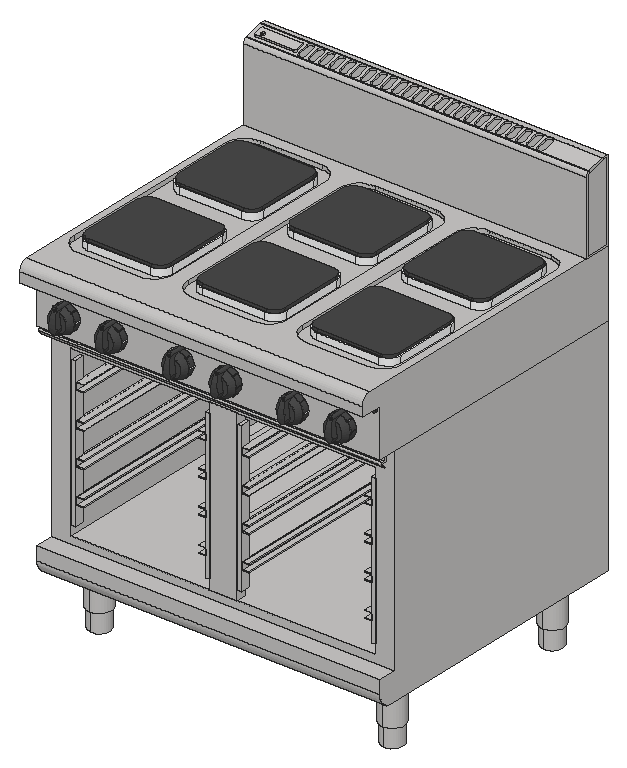
Revit family "QF_Moffat_RN8600SE-CB_Electric_Cooktops_Sealed_Hobs_cat", category Specialty Equipment, Revit 2019 (continued)
Definition of nested family "High and Low Option"
  Lines and regions (mm)
    symbolic lines, visible <- "High Back", not visible
      curve 195: spline (729.472, -25.991, 0) -> (729.813, -23.491, 0) -> (730.812, -21.162, 0) -> (732.401, -19.161, 0) -> (734.472, -17.626, 0) -> (736.884, -16.661, 0) -> (739.472, -16.332, 0) -> (742.06, -16.661, 0) -> (744.472, -17.626, 0) -> (746.543, -19.161, 0) -> (748.132, -21.162, 0) -> (749.131, -23.491, 0) -> (749.472, -25.991, 0)
      curve 196: line (749.472, -25.991, 0) -> (749.472, -50.251, 0)
      curve 197: spline (749.472, -50.251, 0) -> (749.131, -52.751, 0) -> (748.132, -55.081, 0) -> (746.543, -57.081, 0) -> (744.472, -58.616, 0) -> (742.06, -59.581, 0) -> (739.472, -59.91, 0) -> (736.884, -59.581, 0) -> (734.472, -58.616, 0) -> (732.401, -57.081, 0) -> (730.812, -55.081, 0) -> (729.813, -52.751, 0) -> (729.472, -50.251, 0)
      curve 198: line (756.752, -50.251, 0) -> (756.752, -25.991, 0)
      curve 199: spline (756.752, -25.991, 0) -> (757.093, -23.491, 0) -> (758.092, -21.162, 0) -> (759.681, -19.161, 0) -> (761.752, -17.626, 0) -> (764.164, -16.661, 0) -> (766.752, -16.332, 0) -> (769.341, -16.661, 0) -> (771.752, -17.626, 0) -> (773.823, -19.161, 0) -> (775.413, -21.162, 0) -> (776.412, -23.491, 0) -> (776.752, -25.991, 0)
      curve 200: line (776.752, -25.991, 0) -> (776.752, -50.251, 0)
      curve 201: spline (776.752, -50.251, 0) -> (776.412, -52.751, 0) -> (775.413, -55.081, 0) -> (773.823, -57.081, 0) -> (771.752, -58.616, 0) -> (769.341, -59.581, 0) -> (766.752, -59.91, 0) -> (764.164, -59.581, 0) -> (761.752, -58.616, 0) -> (759.681, -57.081, 0) -> (758.092, -55.081, 0) -> (757.093, -52.751, 0) -> (756.752, -50.251, 0)
  Dimensions and locks
    equal spacing: plane 3 "LEFT", plane 7 "Center Y", plane 4 "RIGHT"
    "Length": plane 3 "LEFT" to plane 4 "RIGHT"
    equal spacing: plane 5 "FRONT", plane 8 "Center X", plane 1 "BACK"
    "Depth": plane 5 "FRONT" to plane 1 "BACK"
    "Height": plane 6 "TOP" to level
    plane 4 "RIGHT" to plane 3 "LEFT" = 900 mm
    plane 1 "BACK" to plane 5 "FRONT" = 805 mm
    plane 9 to plane 10 = 769 mm
    plane 12 to plane 2 = 675 mm
    plane 6 "TOP" to level = 970 mm
    plane 13 to level = 1130 mm
    aligned and locked: level to plane 2
  Automatic sketch dimensions
    Extrusion 2 sketch curve to Extrusion 2 sketch curve = 11.8 mm
    Extrusion 2 sketch curve to Extrusion 2 sketch curve = 2.248 mm
    Extrusion 2 sketch curve to Extrusion 2 sketch curve = 63.6 mm
    Extrusion 2 sketch curve to Extrusion 2 sketch curve = 3.2 mm  (x5)
    plane 1 "BACK" to curve 1 = 71.587 mm
    curve 1 to plane 6 "TOP" = 46.75 mm
    curve 1 to curve 1 = 23 mm
    Extrusion 5 sketch curve to Extrusion 5 sketch curve = 10 mm  (x24)
    Extrusion 5 sketch curve to Extrusion 5 sketch curve = 7.28 mm  (x23)
    Extrusion 5 sketch curve to Extrusion 5 sketch curve = 11.379 mm  (x2)
    Extrusion 5 sketch curve to Extrusion 5 sketch curve = 0 mm  (x33)
    Extrusion 5 sketch curve to Extrusion 5 sketch curve = 25.116 mm  (x13)
    Extrusion 5 sketch curve to Extrusion 5 sketch curve = 47.732 mm
    Extrusion 2 sketch curve to Extrusion 2 sketch curve = 187.855 mm
    Extrusion 5 sketch curve to Extrusion 5 sketch curve = 129.307 mm
    Extrusion 5 sketch curve to Extrusion 5 sketch curve = 123.248 mm
    Extrusion 7 sketch curve to Extrusion 7 sketch curve = 11.8 mm
    Extrusion 7 sketch curve to Extrusion 7 sketch curve = 2.248 mm
    Extrusion 7 sketch curve to Extrusion 7 sketch curve = 63.6 mm
    Extrusion 7 sketch curve to Extrusion 7 sketch curve = 3.2 mm  (x5)
    Extrusion 10 sketch curve to Extrusion 10 sketch curve = 10 mm  (x24)
    Extrusion 10 sketch curve to Extrusion 10 sketch curve = 7.28 mm  (x23)
    Extrusion 10 sketch curve to Extrusion 10 sketch curve = 11.379 mm  (x2)
    Extrusion 10 sketch curve to Extrusion 10 sketch curve = 0 mm  (x33)
    Extrusion 10 sketch curve to Extrusion 10 sketch curve = 25.116 mm  (x13)
    Extrusion 10 sketch curve to Extrusion 10 sketch curve = 47.732 mm
    Extrusion 7 sketch curve to Extrusion 7 sketch curve = 187.855 mm
    Extrusion 10 sketch curve to Extrusion 10 sketch curve = 129.307 mm
    Extrusion 10 sketch curve to Extrusion 10 sketch curve = 123.248 mm
    curve 3 to curve 6 = 129.307 mm
    curve 6 to curve 8 = 20 mm
    curve 8 to curve 10 = 7.28 mm
    curve 10 to curve 12 = 20 mm
    curve 13 to curve 14 = 7.28 mm
    curve 14 to curve 16 = 20 mm
    curve 16 to curve 18 = 7.28 mm
    curve 18 to curve 20 = 20 mm
    curve 21 to curve 22 = 7.28 mm
    curve 22 to curve 24 = 20 mm
    curve 25 to curve 26 = 7.28 mm
    curve 26 to curve 28 = 20 mm
    curve 29 to curve 30 = 7.28 mm
    curve 30 to curve 32 = 20 mm
    curve 32 to curve 34 = 7.28 mm
    curve 34 to curve 36 = 20 mm
    curve 37 to curve 38 = 7.28 mm
    curve 41 to curve 40 = 20 mm
    curve 41 to curve 42 = 7.28 mm
    curve 45 to curve 44 = 20 mm
    curve 43 to curve 46 = 7.28 mm
    curve 46 to curve 48 = 20 mm
    curve 49 to curve 50 = 7.28 mm
    curve 50 to curve 52 = 20 mm
    curve 52 to curve 54 = 7.28 mm
    curve 54 to curve 56 = 20 mm
    curve 57 to curve 58 = 7.28 mm
    curve 58 to curve 60 = 20 mm
    curve 61 to curve 62 = 7.28 mm
    curve 62 to curve 64 = 20 mm
    curve 64 to curve 66 = 7.28 mm
    curve 66 to curve 68 = 20 mm
    curve 69 to curve 70 = 7.28 mm
    curve 70 to curve 72 = 20 mm
    curve 73 to curve 74 = 7.28 mm
    curve 74 to curve 76 = 20 mm
    curve 77 to curve 78 = 7.28 mm
    curve 78 to curve 80 = 20 mm
    curve 80 to curve 82 = 7.28 mm
    curve 82 to curve 84 = 20 mm
    curve 85 to curve 86 = 7.28 mm
    curve 87 to curve 88 = 20 mm
    curve 89 to curve 90 = 7.28 mm
    curve 90 to curve 92 = 20 mm
    curve 91 to curve 94 = 7.28 mm
    curve 94 to curve 96 = 20 mm
    curve 96 to curve 98 = 7.28 mm
    curve 98 to curve 100 = 20 mm
    curve 3 to curve 6 = 19.749 mm
    curve 9 to curve 10 = 0 mm
    curve 96 to curve 101 = 0 mm
    curve 13 to curve 14 = 0 mm
    curve 92 to curve 97 = 0 mm
    curve 16 to curve 18 = 0 mm
    curve 88 to curve 90 = 0 mm
    curve 21 to curve 22 = 0 mm
    curve 84 to curve 86 = 0 mm  (x2)
    curve 25 to curve 26 = 0 mm
    curve 80 to curve 85 = 0 mm
    curve 29 to curve 30 = 0 mm
    curve 76 to curve 81 = 0 mm
    curve 33 to curve 34 = 0 mm
    curve 72 to curve 74 = 0 mm  (x2)
    curve 37 to curve 38 = 0 mm
    curve 68 to curve 70 = 0 mm  (x2)
    curve 41 to curve 42 = 0 mm
    curve 64 to curve 69 = 0 mm
    curve 45 to curve 46 = 0 mm
    curve 60 to curve 65 = 0 mm
    curve 49 to curve 50 = 0 mm
    curve 56 to curve 58 = 0 mm  (x2)
    curve 56 to curve 56 = 24.26 mm
    curve 52 to curve 55 = 0 mm
    curve 48 to curve 51 = 0 mm
    curve 59 to curve 62 = 0 mm
    curve 44 to curve 47 = 0 mm
    curve 64 to curve 66 = 0 mm
    curve 40 to curve 43 = 0 mm
    curve 36 to curve 39 = 0 mm
    curve 32 to curve 35 = 0 mm
    curve 75 to curve 78 = 0 mm
    curve 28 to curve 31 = 0 mm
    curve 80 to curve 82 = 0 mm
    curve 24 to curve 27 = 0 mm
    curve 20 to curve 23 = 0 mm
    curve 87 to curve 90 = 0 mm
    curve 16 to curve 19 = 0 mm
    curve 91 to curve 94 = 0 mm
    curve 12 to curve 15 = 0 mm
    curve 96 to curve 98 = 0 mm
    curve 8 to curve 11 = 0 mm
    curve 3 to curve 3 = 70 mm
    curve 100 to curve 5 = 123.248 mm
    curve 4 to curve 100 = 19.749 mm
    curve 103 to curve 106 = 129.307 mm
    curve 106 to curve 108 = 20 mm
    curve 108 to curve 110 = 7.28 mm
    curve 110 to curve 112 = 20 mm
    curve 113 to curve 114 = 7.28 mm
    curve 114 to curve 116 = 20 mm
    curve 116 to curve 118 = 7.28 mm
    curve 118 to curve 120 = 20 mm
    curve 121 to curve 122 = 7.28 mm
    curve 122 to curve 124 = 20 mm
    curve 125 to curve 126 = 7.28 mm
    curve 126 to curve 128 = 20 mm
    curve 129 to curve 130 = 7.28 mm
    curve 130 to curve 132 = 20 mm
    curve 132 to curve 134 = 7.28 mm
    curve 134 to curve 136 = 20 mm
    curve 137 to curve 138 = 7.28 mm
    curve 141 to curve 140 = 20 mm
    curve 141 to curve 142 = 7.28 mm
    curve 145 to curve 144 = 20 mm
    curve 143 to curve 146 = 7.28 mm
    curve 146 to curve 148 = 20 mm
    curve 149 to curve 150 = 7.28 mm
    curve 150 to curve 152 = 20 mm
    curve 152 to curve 154 = 7.28 mm
    curve 154 to curve 156 = 20 mm
    curve 157 to curve 158 = 7.28 mm
    curve 158 to curve 160 = 20 mm
    curve 161 to curve 162 = 7.28 mm
    curve 162 to curve 164 = 20 mm
    curve 164 to curve 166 = 7.28 mm
    curve 166 to curve 168 = 20 mm
    curve 169 to curve 170 = 7.28 mm
    curve 170 to curve 172 = 20 mm
    curve 173 to curve 174 = 7.28 mm
    curve 174 to curve 176 = 20 mm
    curve 177 to curve 178 = 7.28 mm
    curve 178 to curve 180 = 20 mm
    curve 180 to curve 182 = 7.28 mm
    curve 182 to curve 184 = 20 mm
    curve 185 to curve 186 = 7.28 mm
    curve 187 to curve 188 = 20 mm
    curve 189 to curve 190 = 7.28 mm
    curve 190 to curve 192 = 20 mm
    curve 191 to curve 194 = 7.28 mm
    curve 194 to curve 196 = 20 mm
    curve 196 to curve 198 = 7.28 mm
    curve 198 to curve 200 = 20 mm
    curve 103 to curve 106 = 19.749 mm
    curve 109 to curve 110 = 0 mm
    curve 196 to curve 201 = 0 mm
    curve 113 to curve 114 = 0 mm
    curve 192 to curve 197 = 0 mm
    curve 116 to curve 118 = 0 mm
    curve 188 to curve 190 = 0 mm
    curve 121 to curve 122 = 0 mm
    curve 184 to curve 186 = 0 mm  (x2)
    curve 125 to curve 126 = 0 mm
    curve 180 to curve 185 = 0 mm
    curve 129 to curve 130 = 0 mm
    curve 176 to curve 181 = 0 mm
    curve 133 to curve 134 = 0 mm
    curve 172 to curve 174 = 0 mm  (x2)
    curve 137 to curve 138 = 0 mm
    curve 168 to curve 170 = 0 mm  (x2)
    curve 141 to curve 142 = 0 mm
    curve 164 to curve 169 = 0 mm
    curve 145 to curve 146 = 0 mm
    curve 160 to curve 165 = 0 mm
    curve 149 to curve 150 = 0 mm
    curve 156 to curve 158 = 0 mm  (x2)
    curve 156 to curve 156 = 24.26 mm
    curve 152 to curve 155 = 0 mm
    curve 148 to curve 151 = 0 mm
    curve 159 to curve 162 = 0 mm
    curve 144 to curve 147 = 0 mm
    curve 164 to curve 166 = 0 mm
    curve 140 to curve 143 = 0 mm
    curve 136 to curve 139 = 0 mm
    curve 132 to curve 135 = 0 mm
    curve 175 to curve 178 = 0 mm
    curve 128 to curve 131 = 0 mm
    curve 180 to curve 182 = 0 mm
    curve 124 to curve 127 = 0 mm
    curve 120 to curve 123 = 0 mm
    curve 187 to curve 190 = 0 mm
    curve 116 to curve 119 = 0 mm
    curve 191 to curve 194 = 0 mm
    curve 112 to curve 115 = 0 mm
    curve 196 to curve 198 = 0 mm
    curve 108 to curve 111 = 0 mm
    curve 103 to curve 103 = 70 mm
    curve 200 to curve 105 = 123.248 mm
    curve 104 to curve 200 = 19.749 mm
    curve 203 to curve 204 = 900 mm
    curve 203 to curve 203 = 70 mm
    curve 207 to curve 208 = 900 mm
    curve 207 to curve 207 = 70 mm
    Extrusion 3 sketch curve to Extrusion 3 sketch curve = 63.6 mm
    Extrusion 8 sketch curve to Extrusion 8 sketch curve = 63.6 mm
    Extrusion 1 sketch curve to Extrusion 1 sketch curve = 15 mm
    Extrusion 1 sketch curve to Extrusion 1 sketch curve = 55 mm  (x2)
    Extrusion 1 sketch curve to Extrusion 1 sketch curve = 40 mm
    Extrusion 6 sketch curve to Extrusion 6 sketch curve = 15 mm
    Extrusion 6 sketch curve to Extrusion 6 sketch curve = 55 mm  (x2)
    Extrusion 6 sketch curve to Extrusion 6 sketch curve = 40 mm
    Extrusion 3 sketch curve to Extrusion 3 sketch curve = 187.738 mm
    Extrusion 8 sketch curve to Extrusion 8 sketch curve = 187.738 mm
    Extrusion 4 sketch curve to Extrusion 4 sketch curve = 8.8 mm
    Extrusion 4 sketch curve to Extrusion 4 sketch curve = 43.857 mm
    Extrusion 4 sketch curve to Extrusion 4 sketch curve = 63.6 mm
    Extrusion 4 sketch curve to Extrusion 4 sketch curve = 20.862 mm
    Extrusion 4 sketch curve to Extrusion 4 sketch curve = 187.738 mm
    Extrusion 4 sketch curve to Extrusion 4 sketch curve = 2.278 mm
    Extrusion 3 sketch curve to Extrusion 3 sketch curve = 10.943 mm
    Extrusion 3 sketch curve to Extrusion 3 sketch curve = 20.862 mm
    Extrusion 3 sketch curve to Extrusion 3 sketch curve = 8.8 mm
    Extrusion 3 sketch curve to Extrusion 3 sketch curve = 2.278 mm
    Extrusion 2 sketch curve to Extrusion 2 sketch curve = 5.694 mm
    Extrusion 2 sketch curve to Extrusion 2 sketch curve = 8.8 mm
    Extrusion 2 sketch curve to Extrusion 2 sketch curve = 0.857 mm
    Extrusion 2 sketch curve to Extrusion 2 sketch curve = 9.154 mm
    Extrusion 2 sketch curve to Extrusion 2 sketch curve = 0.117 mm
    Extrusion 2 sketch curve to Extrusion 2 sketch curve = 0 mm
    Extrusion 9 sketch curve to Extrusion 9 sketch curve = 8.8 mm
    Extrusion 9 sketch curve to Extrusion 9 sketch curve = 43.857 mm
    Extrusion 9 sketch curve to Extrusion 9 sketch curve = 63.6 mm
    Extrusion 9 sketch curve to Extrusion 9 sketch curve = 20.862 mm
    Extrusion 9 sketch curve to Extrusion 9 sketch curve = 187.738 mm
    Extrusion 9 sketch curve to Extrusion 9 sketch curve = 2.278 mm
    Extrusion 8 sketch curve to Extrusion 8 sketch curve = 10.943 mm
    Extrusion 8 sketch curve to Extrusion 8 sketch curve = 20.862 mm
    Extrusion 8 sketch curve to Extrusion 8 sketch curve = 8.8 mm
    Extrusion 8 sketch curve to Extrusion 8 sketch curve = 2.278 mm
    Extrusion 7 sketch curve to Extrusion 7 sketch curve = 5.694 mm
    Extrusion 7 sketch curve to Extrusion 7 sketch curve = 8.8 mm
    Extrusion 7 sketch curve to Extrusion 7 sketch curve = 0.857 mm
    Extrusion 7 sketch curve to Extrusion 7 sketch curve = 9.154 mm
    Extrusion 7 sketch curve to Extrusion 7 sketch curve = 0.117 mm
    Extrusion 7 sketch curve to Extrusion 7 sketch curve = 0 mm
  Nested families
    nested 1: "QF_LOGO_Waldorf" at (32, -70, 923.25), visible <- "Show Logo 1", type "QF_LOGO_Waldorf"
    nested 2: "QF_LOGO_Waldorf1" at (12.5, -38.053, 1110.468), visible <- "Show Logo 2", type "QF_LOGO_Waldorf1"
    nested 3: "QF_LOGO_Waldorf" at (32, -70, 923.25), visible <- "Show Logo 1", type "QF_LOGO_Waldorf", not visible
    nested 4: "QF_LOGO_Waldorf1" at (12.5, -38.053, 1110.468), visible <- "Show Logo 2", type "QF_LOGO_Waldorf1", not visible
  Definition of nested family "QF_LOGO_Waldorf"
    Parameters (values of type "QF_LOGO_Waldorf")
      Weight in Pounds = 0
      URL Cutsheet = ""
      Specification by User = ""
      Specification by Manufacturer = ""
      Serial Number = ""
      Seismic Rating = ""
      SMACNA No = ""
      Revision Code = ""
      NAFEM Spec ID Number = ""
      Masterspec = ""
      Length = 138 mm
      Item Number = ""
      Installed By = ""
      Identify Quantity as Lot = yes
      Height = 26.711 mm
      Furnished By = ""
      Foodservice Equipment Identifier = yes
      Depth = 3.175 mm
      CSI MasterFormat = ""
    Reference planes
      plane 1 "BACK": y = 0
      plane 2: z = 0
      plane 3 "LEFT": x = 0
      plane 4 "RIGHT": x = 138
      plane 5 "FRONT": y = -3.175
      plane 6 "TOP": z = 26.711
      plane 7 "Center Y": x = 69
      plane 8 "Center X": y = -1.587
    Forms (mm)
      Extrusion 1, solid
        sketch origin (0, 0, 0) x (1, 0, 0) y (0, 0, 1)
          loop
            line (109, 3.464) -> (109, 23.247)
            spline (109, 23.247) -> (108.966, 23.699) -> (108.864, 24.143) -> (108.696, 24.572) -> (108.464, 24.979) -> (108.173, 25.355) -> (107.828, 25.696) -> (107.435, 25.995) -> (107, 26.247) -> (106.531, 26.447) -> (106.035, 26.593) -> (105.522, 26.681) -> (105, 26.711)
            line (105, 26.711) -> (4, 26.711)
            spline (4, 26.711) -> (3.478, 26.681) -> (2.965, 26.593) -> (2.469, 26.447) -> (2, 26.247) -> (1.565, 25.995) -> (1.172, 25.696) -> (0.827, 25.355) -> (0.536, 24.979) -> (0.304, 24.572) -> (0.136, 24.143) -> (0.034, 23.699) -> (0, 23.247)
            line (0, 23.247) -> (0, 3.464)
            spline (0, 3.464) -> (0.034, 3.012) -> (0.136, 2.568) -> (0.304, 2.138) -> (0.536, 1.732) -> (0.827, 1.355) -> (1.172, 1.015) -> (1.565, 0.716) -> (2, 0.464) -> (2.469, 0.264) -> (2.965, 0.118) -> (3.478, 0.03) -> (4, 0)
            line (4, 0) -> (105, 0)
            spline (105, 0) -> (105.522, 0.03) -> (106.035, 0.118) -> (106.531, 0.264) -> (107, 0.464) -> (107.435, 0.716) -> (107.828, 1.015) -> (108.173, 1.355) -> (108.464, 1.732) -> (108.696, 2.138) -> (108.864, 2.568) -> (108.966, 3.012) -> (109, 3.464)
          loop
            line (14.75, 7.005) -> (14.75, 15.654)
            arc (14.75, 15.654) -> (10.425, 11.329) -> (14.75, 7.005) r 4.325
          loop
            line (15.25, 15.654) -> (15.25, 7.005)
            arc (15.25, 7.005) -> (19.575, 11.329) -> (15.25, 15.654) r 4.325
        from 0 to 3.2
      Extrusion 2, solid
        sketch origin (0, 0, 0) x (1, 0, 0) y (0, 0, 1)
          loop
            line (15.25, 15.654) -> (15.25, 7.005)
            arc (15.25, 7.005) -> (19.575, 11.329) -> (15.25, 15.654) r 4.325
        from 0 to 3.2
      Extrusion 3, solid
        sketch origin (16.271, 0, 0) x (-1, 0, 0) y (0, 0, -1)
          loop
            arc (1.521, -15.654) -> (5.846, -11.329) -> (1.521, -7.005) r 4.325
            line (1.521, -7.005) -> (1.521, -15.654)
        from 0 to 3.2
    Lines and regions (mm)
      Split face 1
        outline origin (0, -3.2, 0) x (1, 0, 0) y (0, 0, 1)
          loop
            spline (22.129, 16.975) -> (22.389, 15.984) -> (22.649, 15.002) -> (22.91, 14.028) -> (23.172, 13.065) -> (23.433, 12.11) -> (23.695, 11.166) -> (23.956, 10.232) -> (24.218, 9.308) -> (24.479, 8.396) -> (24.74, 7.495) -> (25, 6.605) -> (25.26, 5.728)
            line (25.26, 5.728) -> (29.463, 5.728)
            spline (29.463, 5.728) -> (29.582, 6.252) -> (29.701, 6.78) -> (29.82, 7.313) -> (29.939, 7.85) -> (30.058, 8.391) -> (30.178, 8.936) -> (30.297, 9.485) -> (30.416, 10.038) -> (30.536, 10.594) -> (30.655, 11.155) -> (30.775, 11.719) -> (30.894, 12.287)
            spline (30.894, 12.287) -> (31.018, 11.719) -> (31.142, 11.155) -> (31.266, 10.594) -> (31.39, 10.038) -> (31.514, 9.485) -> (31.638, 8.936) -> (31.762, 8.391) -> (31.885, 7.85) -> (32.009, 7.313) -> (32.133, 6.78) -> (32.256, 6.252) -> (32.379, 5.728)
            line (32.379, 5.728) -> (36.51, 5.728)
            spline (36.51, 5.728) -> (36.766, 6.605) -> (37.023, 7.495) -> (37.28, 8.396) -> (37.538, 9.308) -> (37.795, 10.232) -> (38.053, 11.166) -> (38.311, 12.11) -> (38.569, 13.065) -> (38.826, 14.028) -> (39.083, 15.002) -> (39.34, 15.984) -> (39.597, 16.975)
            line (39.597, 16.975) -> (35.637, 16.975)
            spline (35.637, 16.975) -> (35.523, 16.334) -> (35.41, 15.697) -> (35.296, 15.063) -> (35.182, 14.433) -> (35.068, 13.807) -> (34.954, 13.185) -> (34.84, 12.566) -> (34.726, 11.952) -> (34.612, 11.342) -> (34.497, 10.737) -> (34.383, 10.135) -> (34.269, 9.538)
            spline (34.269, 9.538) -> (34.138, 10.135) -> (34.008, 10.737) -> (33.877, 11.342) -> (33.746, 11.952) -> (33.616, 12.566) -> (33.485, 13.185) -> (33.354, 13.807) -> (33.224, 14.433) -> (33.093, 15.063) -> (32.963, 15.697) -> (32.833, 16.334) -> (32.703, 16.975)
            line (32.703, 16.975) -> (29.247, 16.975)
            spline (29.247, 16.975) -> (29.111, 16.334) -> (28.974, 15.697) -> (28.837, 15.063) -> (28.7, 14.433) -> (28.562, 13.807) -> (28.425, 13.185) -> (28.288, 12.566) -> (28.15, 11.952) -> (28.013, 11.342) -> (27.875, 10.737) -> (27.738, 10.135) -> (27.6, 9.538)
            spline (27.6, 9.538) -> (27.483, 10.135) -> (27.366, 10.737) -> (27.249, 11.342) -> (27.132, 11.952) -> (27.015, 12.566) -> (26.897, 13.185) -> (26.78, 13.807) -> (26.663, 14.433) -> (26.546, 15.063) -> (26.43, 15.697) -> (26.313, 16.334) -> (26.196, 16.975)
            line (26.196, 16.975) -> (22.129, 16.975)
      Split face 2
        outline origin (0, -3.2, 0) x (1, 0, 0) y (0, 0, 1)
          loop
            line (51.449, 5.728) -> (51.035, 6.606) -> (51.035, 11.169)
            spline (51.035, 11.169) -> (50.686, 12.42) -> (50.176, 13.224) -> (49.51, 13.708) -> (48.693, 13.995) -> (47.747, 14.152) -> (46.698, 14.207) -> (45.579, 14.186) -> (44.419, 14.114) -> (43.279, 13.929) -> (42.249, 13.481) -> (41.424, 12.614) -> (40.897, 11.169)
            line (40.897, 11.169) -> (44.617, 11.169) -> (44.988, 11.965)
            spline (44.988, 11.965) -> (47.294, 11.682) -> (46.856, 10.932) -> (45.527, 10.609) -> (43.858, 10.439) -> (42.259, 10.123) -> (41.078, 9.417) -> (40.563, 8.246) -> (40.689, 6.989) -> (41.407, 6.052) -> (42.774, 5.536) -> (44.847, 5.497) -> (47.306, 6.602)
            line (47.306, 6.602) -> (47.624, 5.728) -> (51.449, 5.728)
      Split face 3
        outline origin (0, -3.2, 0) x (1, 0, 0) y (0, 0, 1)
          loop
            line (47.264, 9.264) -> (44.938, 8.597)
            spline (44.938, 8.597) -> (44.508, 8.228) -> (44.402, 7.9) -> (44.548, 7.626) -> (44.877, 7.42) -> (45.317, 7.295) -> (45.797, 7.265) -> (46.252, 7.342) -> (46.65, 7.525) -> (46.971, 7.813) -> (47.194, 8.201) -> (47.298, 8.685) -> (47.264, 9.264)
      Split face 4
        outline origin (0, -3.2, 0) x (1, 0, 0) y (0, 0, 1)
          loop
            line (53.33, 16.975) -> (53.33, 5.728) -> (57.173, 5.728) -> (57.173, 16.975) -> (53.33, 16.975)
      Split face 5
        outline origin (0, -3.2, 0) x (1, 0, 0) y (0, 0, 1)
          loop
            line (65.795, 16.975) -> (65.795, 12.976)
            spline (65.795, 12.976) -> (63.839, 14.082) -> (62.087, 14.096) -> (60.633, 13.343) -> (59.574, 12.148) -> (58.99, 10.806) -> (58.867, 9.452) -> (59.156, 8.159) -> (59.81, 7) -> (60.786, 6.056) -> (62.111, 5.514) -> (63.868, 5.634) -> (66.137, 6.679)
            line (66.137, 6.679) -> (66.137, 5.728) -> (69.511, 5.728) -> (69.511, 16.975) -> (65.795, 16.975)
      Split face 6
        outline origin (0, -3.2, 0) x (1, 0, 0) y (0, 0, 1)
          loop
            spline (64.273, 7.499) -> (64.754, 7.57) -> (65.202, 7.777) -> (65.587, 8.106) -> (65.882, 8.535) -> (66.067, 9.034) -> (66.131, 9.57) -> (66.067, 10.106) -> (65.882, 10.605) -> (65.587, 11.034) -> (65.202, 11.363) -> (64.754, 11.57) -> (64.273, 11.64)
            spline (64.273, 11.64) -> (63.793, 11.57) -> (63.345, 11.363) -> (62.96, 11.034) -> (62.665, 10.605) -> (62.479, 10.106) -> (62.416, 9.57) -> (62.479, 9.034) -> (62.665, 8.535) -> (62.96, 8.106) -> (63.345, 7.777) -> (63.793, 7.57) -> (64.273, 7.499)
      Split face 7
        outline origin (0, -3.2, 0) x (1, 0, 0) y (0, 0, 1)
          loop
            spline (76.449, 5.305) -> (77.855, 5.457) -> (79.166, 5.901) -> (80.291, 6.607) -> (81.155, 7.527) -> (81.698, 8.599) -> (81.883, 9.749) -> (81.698, 10.899) -> (81.155, 11.97) -> (80.291, 12.891) -> (79.166, 13.597) -> (77.855, 14.041) -> (76.449, 14.192)
            spline (76.449, 14.192) -> (75.042, 14.041) -> (73.731, 13.597) -> (72.606, 12.891) -> (71.742, 11.97) -> (71.199, 10.899) -> (71.014, 9.749) -> (71.199, 8.599) -> (71.742, 7.527) -> (72.606, 6.607) -> (73.731, 5.901) -> (75.042, 5.457) -> (76.449, 5.305)
      Split face 8
        outline origin (0, -3.2, 0) x (1, 0, 0) y (0, 0, 1)
          loop
            spline (76.449, 7.654) -> (76.841, 7.725) -> (77.206, 7.934) -> (77.52, 8.267) -> (77.76, 8.701) -> (77.912, 9.206) -> (77.963, 9.749) -> (77.912, 10.291) -> (77.76, 10.796) -> (77.52, 11.23) -> (77.206, 11.563) -> (76.841, 11.772) -> (76.449, 11.843)
            spline (76.449, 11.843) -> (76.057, 11.772) -> (75.691, 11.563) -> (75.378, 11.23) -> (75.137, 10.796) -> (74.986, 10.291) -> (74.934, 9.749) -> (74.986, 9.206) -> (75.137, 8.701) -> (75.378, 8.267) -> (75.691, 7.934) -> (76.057, 7.725) -> (76.449, 7.654)
      Split face 9
        outline origin (0, -3.2, 0) x (1, 0, 0) y (0, 0, 1)
          loop
            line (86.998, 12.335) -> (86.998, 13.879) -> (83.479, 13.879) -> (83.479, 5.728) -> (87.312, 5.728) -> (87.312, 8.975)
            spline (87.312, 8.975) -> (87.364, 9.356) -> (87.458, 9.686) -> (87.594, 9.968) -> (87.769, 10.204) -> (87.982, 10.398) -> (88.229, 10.55) -> (88.509, 10.666) -> (88.82, 10.746) -> (89.16, 10.794) -> (89.525, 10.812) -> (89.915, 10.803) -> (90.327, 10.77)
            line (90.327, 10.77) -> (90.327, 14.113)
            spline (90.327, 14.113) -> (89.929, 14.127) -> (89.552, 14.111) -> (89.197, 14.066) -> (88.865, 13.991) -> (88.554, 13.887) -> (88.266, 13.754) -> (87.999, 13.591) -> (87.755, 13.399) -> (87.532, 13.177) -> (87.332, 12.926) -> (87.154, 12.645) -> (86.998, 12.335)
      Split face 10
        outline origin (0, -3.2, 0) x (1, 0, 0) y (0, 0, 1)
          loop
            line (92.082, 13.879) -> (90.894, 13.879) -> (90.894, 11.972) -> (92.082, 11.972) -> (92.082, 5.728) -> (95.871, 5.728) -> (95.871, 11.972) -> (97.5, 11.972) -> (97.5, 13.879) -> (95.871, 13.879)
            spline (95.871, 13.879) -> (95.843, 14.088) -> (95.845, 14.278) -> (95.877, 14.447) -> (95.939, 14.596) -> (96.03, 14.726) -> (96.151, 14.835) -> (96.301, 14.925) -> (96.482, 14.995) -> (96.692, 15.045) -> (96.931, 15.075) -> (97.201, 15.085) -> (97.5, 15.076)
            line (97.5, 15.076) -> (97.5, 17.266) -> (95.367, 17.266)
            spline (95.367, 17.266) -> (94.982, 17.253) -> (94.58, 17.21) -> (94.174, 17.132) -> (93.774, 17.013) -> (93.39, 16.846) -> (93.034, 16.627) -> (92.717, 16.349) -> (92.448, 16.007) -> (92.24, 15.595) -> (92.102, 15.106) -> (92.046, 14.537) -> (92.082, 13.879)
    Dimensions and locks
      equal spacing: plane 3 "LEFT", plane 7 "Center Y", plane 4 "RIGHT"
      "Length": plane 3 "LEFT" to plane 4 "RIGHT"
      equal spacing: plane 5 "FRONT", plane 8 "Center X", plane 1 "BACK"
      "Depth": plane 5 "FRONT" to plane 1 "BACK"
      "Height": plane 6 "TOP" to level
      plane 4 "RIGHT" to plane 3 "LEFT" = 138 mm
      aligned and locked: level to plane 2
    Automatic sketch dimensions
      Extrusion 1 sketch curve to plane 3 "LEFT" = 0 mm
      Extrusion 1 sketch curve to plane 6 "TOP" = 0 mm
      Extrusion 1 sketch curve to level = 0 mm
      plane 3 "LEFT" to Extrusion 1 sketch curve = 4 mm  (x2)
      Extrusion 1 sketch curve to Extrusion 1 sketch curve = 10.75 mm
      Extrusion 1 sketch curve to Extrusion 1 sketch curve = 0.5 mm
      plane 4 "RIGHT" to Extrusion 1 sketch curve = 33 mm
      Extrusion 1 sketch curve to Extrusion 1 sketch curve = 0 mm  (x3)
      Extrusion 1 sketch curve to Extrusion 1 sketch curve = 4 mm
      level to Extrusion 1 sketch curve = 3.464 mm  (x2)
      level to Extrusion 1 sketch curve = 7.005 mm
      Extrusion 1 sketch curve to Extrusion 1 sketch curve = 4.325 mm
      Extrusion 1 sketch curve to plane 6 "TOP" = 3.464 mm  (x2)
      Extrusion 2 sketch curve to Extrusion 2 sketch curve = 4.325 mm
      level to Extrusion 2 sketch curve = 7.005 mm
      plane 3 "LEFT" to Extrusion 2 sketch curve = 15.25 mm
      Extrusion 3 sketch curve to Extrusion 3 sketch curve = 4.325 mm
      Extrusion 3 sketch curve to level = 7.005 mm
      Extrusion 3 sketch curve to plane 3 "LEFT" = 14.75 mm
      Extrusion 1 to Split face 1 sketch curve = 6.879 mm
      Split face 1 sketch curve to Extrusion 1 = 5.728 mm
      Split face 1 sketch curve to Split face 1 sketch curve = 3.132 mm
      Split face 1 sketch curve to Split face 1 sketch curve = 4.068 mm
      Split face 1 sketch curve to Split face 1 sketch curve = 3.051 mm
      Split face 1 sketch curve to Split face 1 sketch curve = 4.203 mm
      Split face 1 sketch curve to Split face 1 sketch curve = 2.916 mm
      Split face 1 sketch curve to Split face 1 sketch curve = 3.456 mm
      Split face 1 sketch curve to Split face 1 sketch curve = 2.934 mm
      Split face 1 sketch curve to Split face 1 sketch curve = 4.131 mm
      Split face 1 sketch curve to Split face 1 sketch curve = 3.96 mm
      Split face 1 sketch curve to Split face 1 sketch curve = 0 mm  (x2)
      Split face 1 sketch curve to Extrusion 1 = 9.736 mm  (x2)
      Extrusion 1 to Split face 1 sketch curve = 6.337 mm
      Extrusion 1 to Split face 1 sketch curve = 6.231 mm
      Extrusion 1 to Split face 1 sketch curve = 3.184 mm
      Extrusion 1 to Split face 1 sketch curve = 13.135 mm
      Split face 1 sketch curve to Split face 1 sketch curve = 4.652 mm
      Split face 1 sketch curve to Split face 1 sketch curve = 3.593 mm
      Split face 1 sketch curve to Split face 1 sketch curve = 1.863 mm
      Split face 1 sketch curve to Split face 1 sketch curve = 0.713 mm
      Split face 1 sketch curve to Split face 1 sketch curve = 2.684 mm
      Split face 1 sketch curve to Split face 1 sketch curve = 3.294 mm
      Split face 1 sketch curve to Split face 1 sketch curve = 0.459 mm
      Split face 1 sketch curve to Split face 1 sketch curve = 2.775 mm
      Split face 1 sketch curve to Split face 1 sketch curve = 1.89 mm
      Split face 1 sketch curve to Split face 1 sketch curve = 0.685 mm
      Split face 1 sketch curve to Split face 1 sketch curve = 9.486 mm
      Split face 1 sketch curve to Split face 1 sketch curve = 16.213 mm
      Split face 1 sketch curve to Split face 1 sketch curve = 3.48 mm
      Split face 1 sketch curve to Split face 1 sketch curve = 4.918 mm
      Split face 1 sketch curve to Split face 1 sketch curve = 7.609 mm
      Split face 1 sketch curve to Split face 1 sketch curve = 0.01 mm  (x2)
      Split face 1 sketch curve to Split face 1 sketch curve = 0.002 mm
      Split face 2 sketch curve to Extrusion 1 = 11.169 mm
      Extrusion 1 to Split face 2 sketch curve = 25.647 mm
      Split face 2 sketch curve to Split face 2 sketch curve = 3.72 mm
      Split face 2 sketch curve to Extrusion 1 = 11.965 mm
      Split face 2 sketch curve to Split face 2 sketch curve = 0.371 mm
      Split face 2 sketch curve to Extrusion 1 = 6.602 mm
      Split face 2 sketch curve to Split face 2 sketch curve = 2.689 mm
      Split face 2 sketch curve to Split face 2 sketch curve = 0.318 mm
      Split face 2 sketch curve to Split face 2 sketch curve = 3.729 mm
      Split face 2 sketch curve to Split face 2 sketch curve = 0.414 mm
      Split face 2 sketch curve to Split face 2 sketch curve = 0.875 mm
      Split face 2 sketch curve to Split face 2 sketch curve = 0.878 mm
      Split face 3 sketch curve to Extrusion 1 = 8.597 mm
      Extrusion 1 to Split face 3 sketch curve = 29.688 mm
      Split face 3 sketch curve to Extrusion 1 = 9.264 mm
      Split face 3 sketch curve to Split face 3 sketch curve = 2.326 mm
      Split face 4 sketch curve to Extrusion 1 = 5.728 mm
      Extrusion 1 to Split face 4 sketch curve = 38.08 mm
      Split face 4 sketch curve to Split face 4 sketch curve = 3.843 mm
      Split face 4 sketch curve to Extrusion 1 = 9.736 mm
      Split face 5 sketch curve to Extrusion 1 = 12.976 mm
      Split face 5 sketch curve to Extrusion 1 = 43.205 mm
      Split face 5 sketch curve to Extrusion 1 = 6.679 mm
      Split face 5 sketch curve to Split face 5 sketch curve = 0.342 mm
      Split face 5 sketch curve to Split face 5 sketch curve = 3.375 mm
      Split face 5 sketch curve to Split face 5 sketch curve = 0.952 mm
      Split face 5 sketch curve to Split face 5 sketch curve = 3.998 mm
      Split face 6 sketch curve to Extrusion 1 = 7.499 mm
      Split face 6 sketch curve to Extrusion 1 = 44.727 mm
      Split face 6 sketch curve to Split face 6 sketch curve = 2.07 mm
      Split face 7 sketch curve to Extrusion 1 = 5.305 mm
      Split face 7 sketch curve to Extrusion 1 = 32.551 mm
      Split face 7 sketch curve to Split face 7 sketch curve = 4.443 mm
      Split face 8 sketch curve to Split face 8 sketch curve = 2.095 mm
      Split face 8 sketch curve to Extrusion 1 = 7.654 mm
      Split face 8 sketch curve to Extrusion 1 = 32.551 mm
      Split face 9 sketch curve to Extrusion 1 = 5.728 mm
      Split face 9 sketch curve to Extrusion 1 = 25.521 mm
      Split face 9 sketch curve to Split face 9 sketch curve = 3.519 mm
      Split face 9 sketch curve to Split face 9 sketch curve = 0.315 mm
      Split face 9 sketch curve to Split face 9 sketch curve = 3.33 mm
      Split face 9 sketch curve to Split face 9 sketch curve = 3.248 mm
      Split face 9 sketch curve to Split face 9 sketch curve = 1.795 mm
      Split face 9 sketch curve to Split face 9 sketch curve = 3.36 mm
      Split face 9 sketch curve to Split face 9 sketch curve = 1.545 mm
      Split face 9 sketch curve to Split face 9 sketch curve = 0.233 mm
      Split face 10 sketch curve to Extrusion 1 = 18.106 mm
      Split face 10 sketch curve to Split face 10 sketch curve = 1.188 mm  (x2)
      Split face 10 sketch curve to Split face 10 sketch curve = 3.285 mm
      Split face 10 sketch curve to Split face 10 sketch curve = 3.789 mm
      Split face 10 sketch curve to Split face 10 sketch curve = 0 mm  (x2)
      Split face 10 sketch curve to Split face 10 sketch curve = 1.629 mm
      Split face 10 sketch curve to Split face 10 sketch curve = 2.133 mm
      Split face 10 sketch curve to Extrusion 1 = 5.728 mm
      Split face 10 sketch curve to Split face 10 sketch curve = 6.245 mm
      Split face 10 sketch curve to Split face 10 sketch curve = 1.907 mm  (x2)
      Split face 10 sketch curve to Split face 10 sketch curve = 1.197 mm
      Split face 10 sketch curve to Split face 10 sketch curve = 2.19 mm
  Definition of nested family "QF_LOGO_Waldorf1"
    Parameters (values of type "QF_LOGO_Waldorf1")
      Weight in Pounds = 0
      URL Cutsheet = ""
      Specification by User = ""
      Specification by Manufacturer = ""
      Serial Number = ""
      Seismic Rating = ""
      SMACNA No = ""
      Revision Code = ""
      NAFEM Spec ID Number = ""
      Masterspec = ""
      Length = 138 mm
      Item Number = ""
      Installed By = ""
      Identify Quantity as Lot = yes
      Height = 26.711 mm
      Furnished By = ""
      Foodservice Equipment Identifier = yes
      Depth = 3.175 mm
      CSI MasterFormat = ""
    Reference planes
      plane 1 "BACK": y = 0
      plane 2: z = 0
      plane 3 "LEFT": x = 0
      plane 4 "RIGHT": x = 138
      plane 5 "FRONT": y = -3.175
      plane 6 "TOP": z = 26.711
      plane 7 "Center Y": x = 69
      plane 8 "Center X": y = -1.587
    Forms (mm)
      Extrusion 1, solid
        sketch origin (0, -12.9, 9.899) x (1, 0, 0) y (0, 0.965926, 0.258819)
          loop
            line (109, 3.464) -> (109, 23.247)
            spline (109, 23.247) -> (108.966, 23.699) -> (108.864, 24.143) -> (108.696, 24.572) -> (108.464, 24.979) -> (108.173, 25.355) -> (107.828, 25.696) -> (107.435, 25.995) -> (107, 26.247) -> (106.531, 26.447) -> (106.035, 26.593) -> (105.522, 26.681) -> (105, 26.711)
            line (105, 26.711) -> (4, 26.711)
            spline (4, 26.711) -> (3.478, 26.681) -> (2.965, 26.593) -> (2.469, 26.447) -> (2, 26.247) -> (1.565, 25.995) -> (1.172, 25.696) -> (0.827, 25.355) -> (0.536, 24.979) -> (0.304, 24.572) -> (0.136, 24.143) -> (0.034, 23.699) -> (0, 23.247)
            line (0, 23.247) -> (0, 3.464)
            spline (0, 3.464) -> (0.034, 3.012) -> (0.136, 2.568) -> (0.304, 2.138) -> (0.536, 1.732) -> (0.827, 1.355) -> (1.172, 1.015) -> (1.565, 0.716) -> (2, 0.464) -> (2.469, 0.264) -> (2.965, 0.118) -> (3.478, 0.03) -> (4, 0)
            line (4, 0) -> (105, 0)
            spline (105, 0) -> (105.522, 0.03) -> (106.035, 0.118) -> (106.531, 0.264) -> (107, 0.464) -> (107.435, 0.716) -> (107.828, 1.015) -> (108.173, 1.355) -> (108.464, 1.732) -> (108.696, 2.138) -> (108.864, 2.568) -> (108.966, 3.012) -> (109, 3.464)
          loop
            line (14.75, 7.005) -> (14.75, 15.654)
            arc (14.75, 15.654) -> (10.425, 11.329) -> (14.75, 7.005) r 4.325
          loop
            line (15.25, 15.654) -> (15.25, 7.005)
            arc (15.25, 7.005) -> (19.575, 11.329) -> (15.25, 15.654) r 4.325
        from 0 to 3.2
      Extrusion 2, solid
        sketch origin (0, -12.9, 9.899) x (1, 0, 0) y (0, 0.965926, 0.258819)
          loop
            line (15.25, 15.654) -> (15.25, 7.005)
            arc (15.25, 7.005) -> (19.575, 11.329) -> (15.25, 15.654) r 4.325
        from 0 to 3.2
      Extrusion 3, solid
        sketch origin (16.271, -12.9, 9.899) x (-1, 0, 0) y (0, -0.965926, -0.258819)
          loop
            arc (1.521, -15.654) -> (5.846, -11.329) -> (1.521, -7.005) r 4.325
            line (1.521, -7.005) -> (1.521, -15.654)
        from 0 to 3.2
    Lines and regions (mm)
      Split face 1
        outline origin (0, -13.729, 12.99) x (1, 0, 0) y (0, 0.965926, 0.258819)
          loop
            spline (22.129, 16.975) -> (22.389, 15.984) -> (22.649, 15.002) -> (22.91, 14.028) -> (23.172, 13.065) -> (23.433, 12.11) -> (23.695, 11.166) -> (23.956, 10.232) -> (24.218, 9.308) -> (24.479, 8.396) -> (24.74, 7.495) -> (25, 6.605) -> (25.26, 5.728)
            line (25.26, 5.728) -> (29.463, 5.728)
            spline (29.463, 5.728) -> (29.582, 6.252) -> (29.701, 6.78) -> (29.82, 7.313) -> (29.939, 7.85) -> (30.058, 8.391) -> (30.178, 8.936) -> (30.297, 9.485) -> (30.416, 10.038) -> (30.536, 10.594) -> (30.655, 11.155) -> (30.775, 11.719) -> (30.894, 12.287)
            spline (30.894, 12.287) -> (31.018, 11.719) -> (31.142, 11.155) -> (31.266, 10.594) -> (31.39, 10.038) -> (31.514, 9.485) -> (31.638, 8.936) -> (31.762, 8.391) -> (31.885, 7.85) -> (32.009, 7.313) -> (32.133, 6.78) -> (32.256, 6.252) -> (32.379, 5.728)
            line (32.379, 5.728) -> (36.51, 5.728)
            spline (36.51, 5.728) -> (36.766, 6.605) -> (37.023, 7.495) -> (37.28, 8.396) -> (37.538, 9.308) -> (37.795, 10.232) -> (38.053, 11.166) -> (38.311, 12.11) -> (38.569, 13.065) -> (38.826, 14.028) -> (39.083, 15.002) -> (39.34, 15.984) -> (39.597, 16.975)
            line (39.597, 16.975) -> (35.637, 16.975)
            spline (35.637, 16.975) -> (35.523, 16.334) -> (35.41, 15.697) -> (35.296, 15.063) -> (35.182, 14.433) -> (35.068, 13.807) -> (34.954, 13.185) -> (34.84, 12.566) -> (34.726, 11.952) -> (34.612, 11.342) -> (34.497, 10.737) -> (34.383, 10.135) -> (34.269, 9.538)
            spline (34.269, 9.538) -> (34.138, 10.135) -> (34.008, 10.737) -> (33.877, 11.342) -> (33.746, 11.952) -> (33.616, 12.566) -> (33.485, 13.185) -> (33.354, 13.807) -> (33.224, 14.433) -> (33.093, 15.063) -> (32.963, 15.697) -> (32.833, 16.334) -> (32.703, 16.975)
            line (32.703, 16.975) -> (29.247, 16.975)
            spline (29.247, 16.975) -> (29.111, 16.334) -> (28.974, 15.697) -> (28.837, 15.063) -> (28.7, 14.433) -> (28.562, 13.807) -> (28.425, 13.185) -> (28.288, 12.566) -> (28.15, 11.952) -> (28.013, 11.342) -> (27.875, 10.737) -> (27.738, 10.135) -> (27.6, 9.538)
            spline (27.6, 9.538) -> (27.483, 10.135) -> (27.366, 10.737) -> (27.249, 11.342) -> (27.132, 11.952) -> (27.015, 12.566) -> (26.897, 13.185) -> (26.78, 13.807) -> (26.663, 14.433) -> (26.546, 15.063) -> (26.43, 15.697) -> (26.313, 16.334) -> (26.196, 16.975)
            line (26.196, 16.975) -> (22.129, 16.975)
      Split face 2
        outline origin (0, -13.729, 12.99) x (1, 0, 0) y (0, 0.965926, 0.258819)
          loop
            line (51.449, 5.728) -> (51.035, 6.606) -> (51.035, 11.169)
            spline (51.035, 11.169) -> (50.686, 12.42) -> (50.176, 13.224) -> (49.51, 13.708) -> (48.693, 13.995) -> (47.747, 14.152) -> (46.698, 14.207) -> (45.579, 14.186) -> (44.419, 14.114) -> (43.279, 13.929) -> (42.249, 13.481) -> (41.424, 12.614) -> (40.897, 11.169)
            line (40.897, 11.169) -> (44.617, 11.169) -> (44.988, 11.965)
            spline (44.988, 11.965) -> (47.294, 11.682) -> (46.856, 10.932) -> (45.527, 10.609) -> (43.858, 10.439) -> (42.259, 10.123) -> (41.078, 9.417) -> (40.563, 8.246) -> (40.689, 6.989) -> (41.407, 6.052) -> (42.774, 5.536) -> (44.847, 5.497) -> (47.306, 6.602)
            line (47.306, 6.602) -> (47.624, 5.728) -> (51.449, 5.728)
      Split face 3
        outline origin (0, -13.729, 12.99) x (1, 0, 0) y (0, 0.965926, 0.258819)
          loop
            line (47.264, 9.264) -> (44.938, 8.597)
            spline (44.938, 8.597) -> (44.508, 8.228) -> (44.402, 7.9) -> (44.548, 7.626) -> (44.877, 7.42) -> (45.317, 7.295) -> (45.797, 7.265) -> (46.252, 7.342) -> (46.65, 7.525) -> (46.971, 7.813) -> (47.194, 8.201) -> (47.298, 8.685) -> (47.264, 9.264)
      Split face 4
        outline origin (0, -13.729, 12.99) x (1, 0, 0) y (0, 0.965926, 0.258819)
          loop
            line (53.33, 16.975) -> (53.33, 5.728) -> (57.173, 5.728) -> (57.173, 16.975) -> (53.33, 16.975)
      Split face 5
        outline origin (0, -13.729, 12.99) x (1, 0, 0) y (0, 0.965926, 0.258819)
          loop
            line (65.795, 16.975) -> (65.795, 12.976)
            spline (65.795, 12.976) -> (63.839, 14.082) -> (62.087, 14.096) -> (60.633, 13.343) -> (59.574, 12.148) -> (58.99, 10.806) -> (58.867, 9.452) -> (59.156, 8.159) -> (59.81, 7) -> (60.786, 6.056) -> (62.111, 5.514) -> (63.868, 5.634) -> (66.137, 6.679)
            line (66.137, 6.679) -> (66.137, 5.728) -> (69.511, 5.728) -> (69.511, 16.975) -> (65.795, 16.975)
      Split face 6
        outline origin (0, -13.729, 12.99) x (1, 0, 0) y (0, 0.965926, 0.258819)
          loop
            spline (64.273, 7.499) -> (64.754, 7.57) -> (65.202, 7.777) -> (65.587, 8.106) -> (65.882, 8.535) -> (66.067, 9.034) -> (66.131, 9.57) -> (66.067, 10.106) -> (65.882, 10.605) -> (65.587, 11.034) -> (65.202, 11.363) -> (64.754, 11.57) -> (64.273, 11.64)
            spline (64.273, 11.64) -> (63.793, 11.57) -> (63.345, 11.363) -> (62.96, 11.034) -> (62.665, 10.605) -> (62.479, 10.106) -> (62.416, 9.57) -> (62.479, 9.034) -> (62.665, 8.535) -> (62.96, 8.106) -> (63.345, 7.777) -> (63.793, 7.57) -> (64.273, 7.499)
      Split face 7
        outline origin (0, -13.729, 12.99) x (1, 0, 0) y (0, 0.965926, 0.258819)
          loop
            spline (76.449, 5.305) -> (77.855, 5.457) -> (79.166, 5.901) -> (80.291, 6.607) -> (81.155, 7.527) -> (81.698, 8.599) -> (81.883, 9.749) -> (81.698, 10.899) -> (81.155, 11.97) -> (80.291, 12.891) -> (79.166, 13.597) -> (77.855, 14.041) -> (76.449, 14.192)
            spline (76.449, 14.192) -> (75.042, 14.041) -> (73.731, 13.597) -> (72.606, 12.891) -> (71.742, 11.97) -> (71.199, 10.899) -> (71.014, 9.749) -> (71.199, 8.599) -> (71.742, 7.527) -> (72.606, 6.607) -> (73.731, 5.901) -> (75.042, 5.457) -> (76.449, 5.305)
      Split face 8
        outline origin (0, -13.729, 12.99) x (1, 0, 0) y (0, 0.965926, 0.258819)
          loop
            spline (76.449, 7.654) -> (76.841, 7.725) -> (77.206, 7.934) -> (77.52, 8.267) -> (77.76, 8.701) -> (77.912, 9.206) -> (77.963, 9.749) -> (77.912, 10.291) -> (77.76, 10.796) -> (77.52, 11.23) -> (77.206, 11.563) -> (76.841, 11.772) -> (76.449, 11.843)
            spline (76.449, 11.843) -> (76.057, 11.772) -> (75.691, 11.563) -> (75.378, 11.23) -> (75.137, 10.796) -> (74.986, 10.291) -> (74.934, 9.749) -> (74.986, 9.206) -> (75.137, 8.701) -> (75.378, 8.267) -> (75.691, 7.934) -> (76.057, 7.725) -> (76.449, 7.654)
      Split face 9
        outline origin (0, -13.729, 12.99) x (1, 0, 0) y (0, 0.965926, 0.258819)
          loop
            line (86.998, 12.335) -> (86.998, 13.879) -> (83.479, 13.879) -> (83.479, 5.728) -> (87.312, 5.728) -> (87.312, 8.975)
            spline (87.312, 8.975) -> (87.364, 9.356) -> (87.458, 9.686) -> (87.594, 9.968) -> (87.769, 10.204) -> (87.982, 10.398) -> (88.229, 10.55) -> (88.509, 10.666) -> (88.82, 10.746) -> (89.16, 10.794) -> (89.525, 10.812) -> (89.915, 10.803) -> (90.327, 10.77)
            line (90.327, 10.77) -> (90.327, 14.113)
            spline (90.327, 14.113) -> (89.929, 14.127) -> (89.552, 14.111) -> (89.197, 14.066) -> (88.865, 13.991) -> (88.554, 13.887) -> (88.266, 13.754) -> (87.999, 13.591) -> (87.755, 13.399) -> (87.532, 13.177) -> (87.332, 12.926) -> (87.154, 12.645) -> (86.998, 12.335)
      Split face 10
        outline origin (0, -13.729, 12.99) x (1, 0, 0) y (0, 0.965926, 0.258819)
          loop
            line (92.082, 13.879) -> (90.894, 13.879) -> (90.894, 11.972) -> (92.082, 11.972) -> (92.082, 5.728) -> (95.871, 5.728) -> (95.871, 11.972) -> (97.5, 11.972) -> (97.5, 13.879) -> (95.871, 13.879)
            spline (95.871, 13.879) -> (95.843, 14.088) -> (95.845, 14.278) -> (95.877, 14.447) -> (95.939, 14.596) -> (96.03, 14.726) -> (96.151, 14.835) -> (96.301, 14.925) -> (96.482, 14.995) -> (96.692, 15.045) -> (96.931, 15.075) -> (97.201, 15.085) -> (97.5, 15.076)
            line (97.5, 15.076) -> (97.5, 17.266) -> (95.367, 17.266)
            spline (95.367, 17.266) -> (94.982, 17.253) -> (94.58, 17.21) -> (94.174, 17.132) -> (93.774, 17.013) -> (93.39, 16.846) -> (93.034, 16.627) -> (92.717, 16.349) -> (92.448, 16.007) -> (92.24, 15.595) -> (92.102, 15.106) -> (92.046, 14.537) -> (92.082, 13.879)
    Dimensions and locks
      equal spacing: plane 3 "LEFT", plane 7 "Center Y", plane 4 "RIGHT"
      "Length": plane 3 "LEFT" to plane 4 "RIGHT"
      equal spacing: plane 5 "FRONT", plane 8 "Center X", plane 1 "BACK"
      "Depth": plane 5 "FRONT" to plane 1 "BACK"
      "Height": plane 6 "TOP" to level
      plane 4 "RIGHT" to plane 3 "LEFT" = 138 mm
      aligned and locked: level to plane 2
    Automatic sketch dimensions
      Extrusion 1 sketch curve to plane 3 "LEFT" = 0 mm
      plane 3 "LEFT" to Extrusion 1 sketch curve = 4 mm  (x2)
      Extrusion 1 sketch curve to Extrusion 1 sketch curve = 10.75 mm
      Extrusion 1 sketch curve to Extrusion 1 sketch curve = 0.5 mm
      plane 4 "RIGHT" to Extrusion 1 sketch curve = 33 mm
      Extrusion 1 sketch curve to Extrusion 1 sketch curve = 0 mm  (x3)
      Extrusion 1 sketch curve to Extrusion 1 sketch curve = 4 mm
      Extrusion 1 sketch curve to Extrusion 1 sketch curve = 3.464 mm  (x3)
      Extrusion 1 sketch curve to Extrusion 1 sketch curve = 3.541 mm
      Extrusion 1 sketch curve to Extrusion 1 sketch curve = 4.325 mm
      Extrusion 1 sketch curve to Extrusion 1 sketch curve = 19.783 mm
      Extrusion 1 sketch curve to Extrusion 1 sketch curve = 7.592 mm
      plane 3 "LEFT" to Extrusion 2 sketch curve = 15.25 mm
      Extrusion 2 sketch curve to Extrusion 2 sketch curve = 4.325 mm
      plane 3 "LEFT" to Extrusion 3 sketch curve = 14.75 mm
      Extrusion 3 sketch curve to Extrusion 3 sketch curve = 4.325 mm
      Extrusion 1 to Split face 1 sketch curve = 6.879 mm
      Split face 1 sketch curve to Extrusion 1 = 5.728 mm
      Split face 1 sketch curve to Split face 1 sketch curve = 3.132 mm
      Split face 1 sketch curve to Split face 1 sketch curve = 4.068 mm
      Split face 1 sketch curve to Split face 1 sketch curve = 3.051 mm
      Split face 1 sketch curve to Split face 1 sketch curve = 4.203 mm
      Split face 1 sketch curve to Split face 1 sketch curve = 2.916 mm
      Split face 1 sketch curve to Split face 1 sketch curve = 3.456 mm
      Split face 1 sketch curve to Split face 1 sketch curve = 2.934 mm
      Split face 1 sketch curve to Split face 1 sketch curve = 4.131 mm
      Split face 1 sketch curve to Split face 1 sketch curve = 3.96 mm
      Split face 1 sketch curve to Split face 1 sketch curve = 0 mm  (x2)
      Split face 1 sketch curve to Extrusion 1 = 9.736 mm  (x2)
      Extrusion 1 to Split face 1 sketch curve = 6.337 mm
      Extrusion 1 to Split face 1 sketch curve = 6.231 mm
      Extrusion 1 to Split face 1 sketch curve = 3.184 mm
      Extrusion 1 to Split face 1 sketch curve = 13.135 mm
      Split face 1 sketch curve to Split face 1 sketch curve = 4.652 mm
      Split face 1 sketch curve to Split face 1 sketch curve = 3.593 mm
      Split face 1 sketch curve to Split face 1 sketch curve = 1.863 mm
      Split face 1 sketch curve to Split face 1 sketch curve = 0.713 mm
      Split face 1 sketch curve to Split face 1 sketch curve = 2.684 mm
      Split face 1 sketch curve to Split face 1 sketch curve = 3.294 mm
      Split face 1 sketch curve to Split face 1 sketch curve = 0.459 mm
      Split face 1 sketch curve to Split face 1 sketch curve = 2.775 mm
      Split face 1 sketch curve to Split face 1 sketch curve = 1.89 mm
      Split face 1 sketch curve to Split face 1 sketch curve = 0.685 mm
      Split face 1 sketch curve to Split face 1 sketch curve = 9.486 mm
      Split face 1 sketch curve to Split face 1 sketch curve = 16.213 mm
      Split face 1 sketch curve to Split face 1 sketch curve = 3.48 mm
      Split face 1 sketch curve to Split face 1 sketch curve = 4.918 mm
      Split face 1 sketch curve to Split face 1 sketch curve = 7.609 mm
      Split face 1 sketch curve to Split face 1 sketch curve = 0.01 mm  (x2)
      Split face 1 sketch curve to Split face 1 sketch curve = 0.002 mm
      Split face 2 sketch curve to Extrusion 1 = 11.169 mm
      Extrusion 1 to Split face 2 sketch curve = 25.647 mm
      Split face 2 sketch curve to Split face 2 sketch curve = 3.72 mm
      Split face 2 sketch curve to Extrusion 1 = 11.965 mm
      Split face 2 sketch curve to Split face 2 sketch curve = 0.371 mm
      Split face 2 sketch curve to Extrusion 1 = 6.602 mm
      Split face 2 sketch curve to Split face 2 sketch curve = 2.689 mm
      Split face 2 sketch curve to Split face 2 sketch curve = 0.318 mm
      Split face 2 sketch curve to Split face 2 sketch curve = 3.729 mm
      Split face 2 sketch curve to Split face 2 sketch curve = 0.414 mm
      Split face 2 sketch curve to Split face 2 sketch curve = 0.875 mm
      Split face 2 sketch curve to Split face 2 sketch curve = 0.878 mm
      Split face 3 sketch curve to Extrusion 1 = 8.597 mm
      Extrusion 1 to Split face 3 sketch curve = 29.688 mm
      Split face 3 sketch curve to Extrusion 1 = 9.264 mm
      Split face 3 sketch curve to Split face 3 sketch curve = 2.326 mm
      Split face 4 sketch curve to Extrusion 1 = 5.728 mm
      Extrusion 1 to Split face 4 sketch curve = 38.08 mm
      Split face 4 sketch curve to Split face 4 sketch curve = 3.843 mm
      Split face 4 sketch curve to Extrusion 1 = 9.736 mm
      Split face 5 sketch curve to Extrusion 1 = 9.736 mm
      Split face 5 sketch curve to Extrusion 1 = 43.205 mm
      Split face 5 sketch curve to Extrusion 1 = 6.679 mm
      Split face 5 sketch curve to Split face 5 sketch curve = 0.342 mm
      Split face 5 sketch curve to Split face 5 sketch curve = 3.375 mm
      Split face 5 sketch curve to Split face 5 sketch curve = 0.952 mm
      Split face 5 sketch curve to Split face 5 sketch curve = 3.998 mm
      Split face 6 sketch curve to Extrusion 1 = 7.499 mm
      Split face 6 sketch curve to Extrusion 1 = 44.727 mm
      Split face 6 sketch curve to Split face 6 sketch curve = 2.07 mm
      Split face 7 sketch curve to Extrusion 1 = 5.305 mm
      Split face 7 sketch curve to Extrusion 1 = 32.551 mm
      Split face 7 sketch curve to Split face 7 sketch curve = 4.443 mm
      Split face 8 sketch curve to Extrusion 1 = 7.654 mm
      Split face 8 sketch curve to Extrusion 1 = 32.551 mm
      Split face 8 sketch curve to Split face 8 sketch curve = 2.095 mm
      Split face 9 sketch curve to Extrusion 1 = 5.728 mm
      Split face 9 sketch curve to Extrusion 1 = 25.521 mm
      Split face 9 sketch curve to Split face 9 sketch curve = 3.519 mm
      Split face 9 sketch curve to Split face 9 sketch curve = 0.315 mm
      Split face 9 sketch curve to Split face 9 sketch curve = 3.33 mm
      Split face 9 sketch curve to Split face 9 sketch curve = 3.248 mm
      Split face 9 sketch curve to Split face 9 sketch curve = 1.795 mm
      Split face 9 sketch curve to Split face 9 sketch curve = 3.36 mm
      Split face 9 sketch curve to Split face 9 sketch curve = 1.545 mm
      Split face 9 sketch curve to Split face 9 sketch curve = 0.233 mm
      Split face 10 sketch curve to Extrusion 1 = 18.106 mm
      Split face 10 sketch curve to Split face 10 sketch curve = 1.188 mm  (x2)
      Split face 10 sketch curve to Split face 10 sketch curve = 3.285 mm
      Split face 10 sketch curve to Split face 10 sketch curve = 3.789 mm
      Split face 10 sketch curve to Split face 10 sketch curve = 0 mm  (x2)
      Split face 10 sketch curve to Split face 10 sketch curve = 1.629 mm
      Split face 10 sketch curve to Split face 10 sketch curve = 2.133 mm
      Split face 10 sketch curve to Extrusion 1 = 5.728 mm
      Split face 10 sketch curve to Split face 10 sketch curve = 6.245 mm
      Split face 10 sketch curve to Split face 10 sketch curve = 1.907 mm  (x2)
      Split face 10 sketch curve to Split face 10 sketch curve = 1.197 mm
      Split face 10 sketch curve to Split face 10 sketch curve = 2.19 mm
